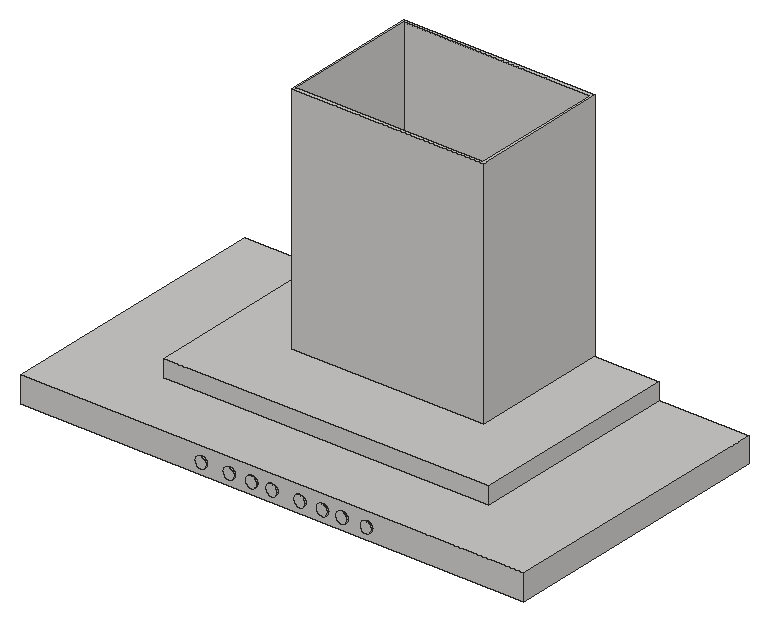
Revit family "AW230790", category Generic Models, Revit 2014
Parameters (values of type "AW230790")
  Width = 900 mm
  URL = "http://www.gaggenau.com."
  Model = "AW230790"
  Manufacturer = "Gaggenau"
  Height = 493 mm
  Unit = Metal Panel
  Description = "Gaggenau 36\" Wall hood, double box design, standard duct cover included"
  Depth = 500 mm
Reference planes
  plane 1 "Center (Front/Back)": y = 0
  plane 2: z = 0
  plane 3 "Center (Left/Right)": x = 0
  plane 4: x = -450
  plane 5: x = 450
  plane 6: y = 250
  plane 7: y = -250
  plane 8: z = 493
  plane 9: z = 46
  plane 10: z = 76
  plane 11: x = -167.162
  plane 12: x = 174.588
  plane 13: y = -130
  plane 14: y = 3
Forms (mm)
  Extrusion 1, solid, material "Metal Panel" <- "Unit"
    sketch origin (0, 0, 0) x (1, 0, 0) y (0, 1, 0)
      loop
        line (-450, 250) -> (-450, -250) -> (450, -250) -> (450, 250) -> (-450, 250)
    from 0 to 46
  Extrusion 2, solid, material "Metal Panel" <- "Unit"
    sketch origin (0, 0, 0) x (1, 0, 0) y (0, 1, 0)
      loop
        line (-290, 250) -> (-290, -130) -> (290, -130) -> (290, 250) -> (-290, 250)
    from 46 to 76
  Extrusion 3, solid, material "Metal Panel" <- "Unit"
    sketch origin (0, 65, 0) x (1, 0, 0) y (0, 1, 0)
      loop
        line (-167.162, 186.534) -> (-167.162, -62) -> (174.588, -62) -> (174.588, 186.534) -> (-167.162, 186.534)
      loop
        line (-164.06, 183.104) -> (-164.06, -58.146) -> (170.976, -58.146) -> (170.976, 183.104) -> (-164.06, 183.104)
    from 76 to 493
  Extrusion 4, solid, material "Metal Panel" <- "Unit"
    sketch origin (0, 75, 0) x (1, 0, 0) y (0, 0, 1)
      loop
        circle (-126.135, 20.864) r 10
      loop
        circle (-76.135, 20.864) r 10
      loop
        circle (-36.135, 20.864) r 10
      loop
        circle (0, 20.864) r 10
      loop
        circle (50, 20.864) r 10
      loop
        circle (90, 20.864) r 10
      loop
        circle (125, 20.864) r 10
      loop
        circle (168.75, 20.864) r 10
    from 326.733 to 325
  Extrusion 5, void
    sketch origin (0, 0, 0) x (1, 0, 0) y (0, 1, 0)
      loop
        line (-350, 200) -> (-350, -200) -> (350, -200) -> (350, 200) -> (-350, 200)
    from 0 to 25.433
  Extrusion 6, solid, material "Metal Panel" <- "Unit"
    sketch origin (0, 0, 0) x (1, 0, 0) y (0, 1, 0)
      loop
        line (-335.369, -184.099) -> (-110.369, -184.099) -> (-110.369, 186.534) -> (-335.369, 186.534) -> (-335.369, -184.099)
      loop
        line (-90.369, -184.099) -> (108.381, -184.099) -> (108.381, 186.534) -> (-90.369, 186.534) -> (-90.369, -184.099)
      loop
        line (128.381, -184.099) -> (329.631, -184.099) -> (329.631, 186.534) -> (128.381, 186.534) -> (128.381, -184.099)
    from 0 to 12.875
Cuts and joins
  Extrusion 5 cuts Extrusion 1
  Extrusion 5 cuts Extrusion 2
  Extrusion 5 cuts Extrusion 3
Dimensions and locks
  equal spacing: plane 4, plane 3 "Center (Left/Right)", plane 5
  equal spacing: plane 6, plane 1 "Center (Front/Back)", plane 7
  "Width": plane 4 to plane 5
  "Depth": plane 6 to plane 7
  "Height": plane 8 to plane 2
  locked: plane 11 to plane 12 at 341.75
  plane 6 to plane 13 = 380 mm
  plane 6 to plane 14 = 247 mm
  aligned and locked: level to plane 2
Automatic sketch dimensions
  Extrusion 1 sketch curve to plane 4 = 0 mm
  Extrusion 1 sketch curve to plane 5 = 0 mm
  plane 7 to Extrusion 1 sketch curve = 0 mm
  Extrusion 1 sketch curve to plane 6 = 0 mm
  plane 4 to Extrusion 2 sketch curve = 160 mm
  plane 5 to Extrusion 2 sketch curve = 160 mm
  Extrusion 3 sketch curve to plane 11 = 0 mm
  Extrusion 3 sketch curve to plane 12 = 0 mm
  plane 11 to Extrusion 3 sketch curve = 3.102 mm
  Extrusion 3 sketch curve to plane 12 = 3.613 mm
  Extrusion 4 sketch curve to plane 3 "Center (Left/Right)" = 0 mm
  Extrusion 4 sketch curve to plane 3 "Center (Left/Right)" = 36.135 mm
  Extrusion 4 sketch curve to Extrusion 4 sketch curve = 40 mm  (x2)
  level to Extrusion 4 sketch curve = 20.864 mm  (x8)
  Extrusion 4 sketch curve to Extrusion 4 sketch curve = 50 mm  (x2)
  Extrusion 4 sketch curve to Extrusion 4 sketch curve = 35 mm
  Extrusion 4 sketch curve to plane 12 = 5.838 mm
  plane 4 to Extrusion 5 sketch curve = 100 mm
  plane 5 to Extrusion 5 sketch curve = 100 mm
  plane 4 to Extrusion 6 sketch curve = 114.631 mm
  plane 11 to Extrusion 6 sketch curve = 56.793 mm
  Extrusion 6 sketch curve to Extrusion 6 sketch curve = 20 mm  (x2)
  Extrusion 6 sketch curve to plane 12 = 66.207 mm
  plane 5 to Extrusion 6 sketch curve = 120.369 mm
  Extrusion 3 sketch curve to plane 1 "Center (Front/Back)" = 6.854 mm
  Extrusion 3 sketch curve to Extrusion 3 sketch curve = 3.854 mm
  Extrusion 3 sketch curve to Extrusion 3 sketch curve = 3.43 mm
  Extrusion 5 sketch curve to plane 6 = 50 mm
  Extrusion 2 sketch curve to plane 6 = 0 mm
  Extrusion 3 sketch curve to plane 6 = 1.896 mm
  Extrusion 6 sketch curve to plane 6 = 63.466 mm
  Extrusion 6 sketch curve to Extrusion 6 sketch curve = 0 mm  (x3)
  Extrusion 2 sketch curve to plane 7 = 120 mm
  Extrusion 5 sketch curve to plane 7 = 50 mm
  Extrusion 6 sketch curve to plane 7 = 65.901 mm  (x2)
  radius of Extrusion 4 sketch curve = 10 mm  (x8)
